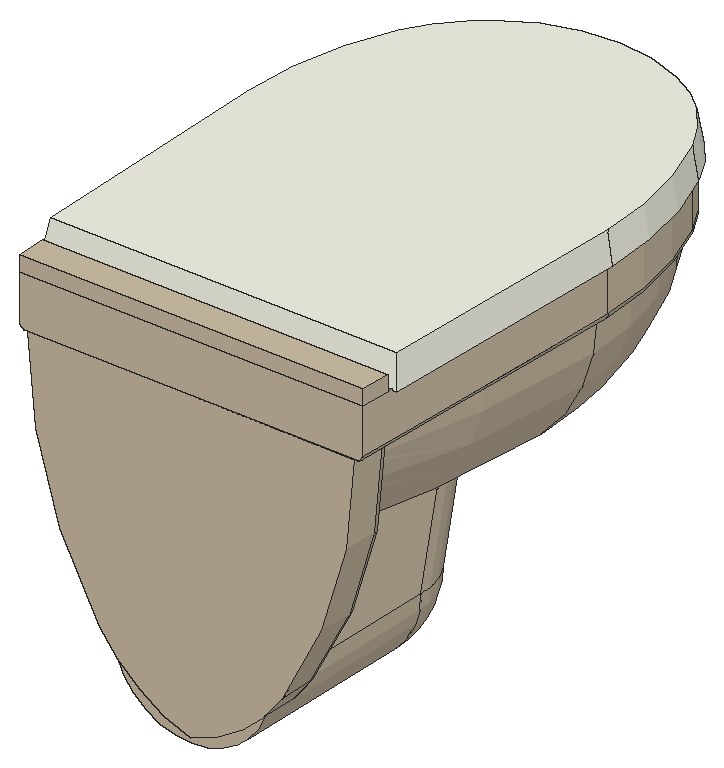
Revit family
Parameters (values of type "400mm")
  zitting = Default plastic
  zithoogte = 400 mm
  pot = Default ceramiek
Reference planes
  plane 1: y = 0
  plane 2 "Center (Left/Right)": x = 125
  plane 3 "Back": y = 75
  plane 4 "Bovenzijde pot": z = 400
  plane 5: x = 45
  plane 6: x = 205
  plane 7: z = 40
  plane 8: z = 120
  plane 9: y = 415.179
  plane 10: y = 335.179
  plane 11: y = 105
Text (mm)
  text "Placement side" at (-521.01, 1113.569, 0), in view "Ref. Level"
  text "Placement side" at (0, 1827.695, 2917.686), in view "Left"
  text "Placement side" at (0, 562.268, 3853.606), in view "Right"
Dimensions and locks
  locked: plane 3 "Back" to host wall at 0
  "zithoogte": plane 4 "Bovenzijde pot" to level
  aligned and locked: plane 1 to host wall
  aligned and locked: plane 2 "Center (Left/Right)" to nested 1
  aligned and locked: plane 3 "Back" to nested 1  (x3)
  aligned and locked: nested 1 to plane 4 "Bovenzijde pot"
  aligned and locked: plane 2 "Center (Left/Right)" to nested 2
  aligned and locked: plane 3 "Back" to nested 2
  aligned and locked: plane 3 "Back" to nested 3
Nested families
  nested 1: "74_toiletpot_basis" at (125, 75, 400), type "74_toiletpot_basis"
  nested 2: "74_bovenaanzicht" at (125, 75, 400), built-in parameter 1001364 <- "zithoogte", type "74_bovenaanzicht"
  nested 3: "74_zijaanzicht" at (125, 75, 400), built-in parameter 1001364 <- "zithoogte", type "74_zijaanzicht"
Definition of nested family "74_toiletpot_basis"
  Parameters
    zitting = Default plastic
    pot = Default ceramiek
  Reference planes
    plane 1 "Center (Front/Back)": y = 0
    plane 2: z = 0
    plane 3 "Center (Left/Right)": x = 0
  Forms (mm)
    Extrusion 1, solid, material "Default ceramiek" <- "pot"
      sketch origin (-8725, 1786.892, 0) x (0, 1, 0) y (-1, 0, 0)
        loop
          arc (-1491.713, -8547.261) -> (-1639.343, -8549.574) -> (-1786.892, -8555) r 6999.523
          line (-1786.892, -8555) -> (-1786.892, -8895)
          arc (-1786.892, -8895) -> (-1639.343, -8900.426) -> (-1491.713, -8902.739) r 6999.523
          arc (-1491.713, -8902.739) -> (-1417.347, -8894.884) -> (-1346.504, -8870.943) r 339.547
          arc (-1346.504, -8870.943) -> (-1300.938, -8838.715) -> (-1269.585, -8792.543) r 156.437
          arc (-1269.585, -8792.543) -> (-1255.288, -8725) -> (-1269.585, -8657.457) r 166.696
          arc (-1269.585, -8657.457) -> (-1300.938, -8611.285) -> (-1346.504, -8579.057) r 156.437
          arc (-1346.504, -8579.057) -> (-1417.347, -8555.116) -> (-1491.713, -8547.261) r 339.547
      from -50 to 0
    Blend 2, solid, material "Default ceramiek" <- "pot"
      base sketch origin (-8725, 1786.892, 0) x (0, 1, 0) y (-1, 0, 0)
        loop
          line (-1786.892, -8645) -> (-1786.892, -8805) -> (-1601.713, -8805)
          arc (-1601.713, -8805) -> (-1545.145, -8781.569) -> (-1521.713, -8725) r 80
          arc (-1521.713, -8725) -> (-1545.145, -8668.431) -> (-1601.713, -8645) r 80
          line (-1601.713, -8645) -> (-1786.892, -8645)
      top sketch origin (-8725, 1786.892, 0) x (0, 1, 0) y (-1, 0, 0)
        loop
          line (-1785.998, -8645) -> (-1785.998, -8805) -> (-1571.713, -8805)
          arc (-1571.713, -8805) -> (-1515.145, -8781.569) -> (-1491.713, -8725) r 80
          arc (-1491.713, -8725) -> (-1515.145, -8668.431) -> (-1571.713, -8645) r 80
          line (-1571.713, -8645) -> (-1785.998, -8645)
      from -280 to -155
    Extrusion 3, solid, material "Default ceramiek" <- "pot"
      sketch origin (-125, 0, -400) x (1, 0, 0) y (0, 0, 1)
        loop
          arc (215.614, 111.878) -> (269.312, 225.597) -> (287.739, 350) r 429.145
          line (287.739, 350) -> (-37.739, 350)
          arc (-37.739, 350) -> (-19.312, 225.597) -> (34.386, 111.878) r 429.145
          arc (34.386, 111.878) -> (73.831, 70.558) -> (125, 45.162) r 165.014
          arc (125, 45.162) -> (176.169, 70.558) -> (215.614, 111.878) r 165.014
      from 0 to -40
    Extrusion 4, solid, material "Default ceramiek" <- "pot"
      sketch origin (-8725, 1786.892, 0) x (0, 1, 0) y (-1, 0, 0)
        loop
          line (-1786.892, -8555) -> (-1786.892, -8895) -> (-1756.892, -8896.356) -> (-1756.892, -8553.644) -> (-1786.892, -8555)
      from 0 to 15
    Blend 5, solid, material "Default plastic" <- "zitting"
      base sketch origin (-8725, 1786.892, 0) x (0, 1, 0) y (-1, 0, 0)
        loop
          arc (-1491.739, -8542.262) -> (-1621.844, -8544.136) -> (-1751.892, -8548.426) r 7004.523
          line (-1751.892, -8548.426) -> (-1751.892, -8901.574)
          arc (-1751.892, -8901.574) -> (-1621.844, -8905.864) -> (-1491.739, -8907.738) r 7004.523
          arc (-1491.739, -8907.738) -> (-1416.278, -8899.769) -> (-1344.392, -8875.474) r 344.547
          arc (-1344.392, -8875.474) -> (-1297.369, -8842.217) -> (-1265.014, -8794.569) r 161.437
          arc (-1265.014, -8794.569) -> (-1250.288, -8725) -> (-1265.014, -8655.431) r 171.696
          arc (-1265.014, -8655.431) -> (-1297.369, -8607.783) -> (-1344.392, -8574.526) r 161.437
          arc (-1344.392, -8574.526) -> (-1416.278, -8550.231) -> (-1491.739, -8542.262) r 344.547
      top sketch origin (-8725, 1786.892, 0) x (0, 1, 0) y (-1, 0, 0)
        loop
          arc (-1491.713, -8547.261) -> (-1619.33, -8549.078) -> (-1746.892, -8553.221) r 6999.523
          line (-1746.892, -8553.221) -> (-1746.892, -8896.779)
          arc (-1746.892, -8896.779) -> (-1619.33, -8900.922) -> (-1491.713, -8902.739) r 6999.523
          arc (-1491.713, -8902.739) -> (-1417.347, -8894.884) -> (-1346.504, -8870.943) r 339.547
          arc (-1346.504, -8870.943) -> (-1300.938, -8838.715) -> (-1269.585, -8792.543) r 156.437
          arc (-1269.585, -8792.543) -> (-1255.288, -8725) -> (-1269.585, -8657.457) r 166.696
          arc (-1269.585, -8657.457) -> (-1300.938, -8611.285) -> (-1346.504, -8579.057) r 156.437
          arc (-1346.504, -8579.057) -> (-1417.347, -8555.116) -> (-1491.713, -8547.261) r 339.547
      from 0 to 30
    Revolve 6, solid, material "Default ceramiek" <- "pot"
      sketch origin (0, 0, -50) x (1, 0, 0) y (0, 1, 0)
        loop
          arc (0, 521.645) -> (-33.817, 517.942) -> (-66.032, 507.009) r 156.274
          arc (-66.032, 507.009) -> (-107.703, 477.834) -> (-136.879, 436.162) r 146.437
          arc (-136.879, 436.162) -> (-160.116, 367.405) -> (-167.739, 295.23) r 329.547
          arc (-167.739, 295.23) -> (-157.72, 146.864) -> (-129.338, 0.894) r 1194.06
          line (-129.338, 0.894) -> (-113.833, 0.894)
          arc (-113.833, 0.894) -> (-142.592, 146.87) -> (-152.739, 295.307) r 1179.06
          arc (-152.739, 295.307) -> (-145.463, 364.197) -> (-123.284, 429.824) r 314.547
          arc (-123.284, 429.824) -> (-97.097, 467.227) -> (-59.694, 493.414) r 131.437
          arc (-59.694, 493.414) -> (-30.571, 503.298) -> (0, 506.645) r 141.274
          line (0, 506.645) -> (0, 521.645)
        axis (0, 521.645) -> (0, 0.894)
      angle from 0 to 180
    Sweep 7, void
      path origin (0, 0, 0) x (1, 0, 0) y (0, 1, 0)
        loop
          arc (-169.964, -0.754) -> (-175.416, 147.171) -> (-177.739, 295.179) r 6999.523
          arc (-177.739, 295.179) -> (-169.884, 369.544) -> (-145.943, 440.388) r 339.547
          arc (-145.943, 440.388) -> (-113.715, 485.954) -> (-67.543, 517.307) r 156.437
          arc (-67.543, 517.307) -> (0, 531.604) -> (67.543, 517.307) r 166.696
          arc (67.543, 517.307) -> (113.715, 485.954) -> (145.943, 440.388) r 156.437
          arc (145.943, 440.388) -> (169.884, 369.544) -> (177.739, 295.179) r 339.547
          arc (177.739, 295.179) -> (175.416, 147.171) -> (169.964, -0.754) r 6999.523
      profile origin (-175.416, 147.171, 0) x (-0.999655, -0.026261, 0) y (0, 0, 1)
        loop
          line (5, -45) -> (0, -45)
          arc (0, -45) -> (-1.464, -48.536) -> (-5, -50) r 5
          line (-5, -50) -> (-5, -55) -> (5, -55) -> (5, -45)
    Sweep 8, void
      path origin (0, 0, 0) x (1, 0, 0) y (0, 0, 1)
        loop
          arc (-162.739, -50) -> (-144.312, -174.403) -> (-90.614, -288.122) r 429.145
          arc (-90.614, -288.122) -> (-51.169, -329.442) -> (0, -354.838) r 165.014
          arc (0, -354.838) -> (51.169, -329.442) -> (90.614, -288.122) r 165.014
          arc (90.614, -288.122) -> (144.312, -174.403) -> (162.739, -50) r 429.145
          line (162.739, -50) -> (162.739, -15)
      profile origin (162.739, 0, -32.5) x (-1, 0, 0) y (0, -1, 0)
        loop
          arc (5, -40) -> (1.464, -38.536) -> (0, -35) r 5
          line (0, -35) -> (-5, -35) -> (-5, -45) -> (5, -45) -> (5, -40)
    Revolve 9, solid, material "Default ceramiek" <- "pot"
      sketch origin (0, 0, -280) x (1, 0, 0) y (0, 1, 0)
        loop
          line (-65, 0.894) -> (-65, 185.179)
          arc (-65, 185.179) -> (-45.962, 231.141) -> (0, 250.179) r 65
          line (0, 250.179) -> (0, 265.179)
          arc (0, 265.179) -> (-56.569, 241.747) -> (-80, 185.179) r 80
          line (-80, 185.179) -> (-80, 0.894) -> (-65, 0.894)
        axis (0, 265.179) -> (0, 0.894)
      angle from 0 to 180
  Cuts and joins
    Sweep 7 cuts Extrusion 4
    Sweep 7 cuts Extrusion 1
    Sweep 8 cuts Blend 2
    Sweep 8 cuts Extrusion 3
    Sweep 8 cuts Revolve 6
    joined: Blend 2, Extrusion 3, Revolve 6, Revolve 9
Definition of nested family "74_bovenaanzicht"
  Reference planes
    plane 1 "Center (Front/Back)": y = 0
    plane 2: z = 0
    plane 3 "Center (Left/Right)": x = 0
  Lines and regions (mm)
    Masking region 1
      outline origin (0, 0, 0) x (1, 0, 0) y (0, 1, 0)
        loop
          line (-170, 0) -> (170, 0) -> (171.569, 35) -> (176.574, 35)
          arc (176.574, 35) -> (180.864, 165.048) -> (182.738, 295.153) r 7004.523
          arc (182.738, 295.153) -> (174.769, 370.614) -> (150.474, 442.5) r 344.547
          arc (150.474, 442.5) -> (117.217, 489.523) -> (69.569, 521.878) r 161.437
          arc (69.569, 521.878) -> (35.545, 532.472) -> (0, 535.005) r 154.815
          arc (0, 535.005) -> (-35.545, 532.472) -> (-69.569, 521.878) r 154.815
          arc (-69.569, 521.878) -> (-117.217, 489.523) -> (-150.474, 442.5) r 161.437
          arc (-150.474, 442.5) -> (-174.769, 370.614) -> (-182.738, 295.153) r 344.547
          arc (-182.738, 295.153) -> (-180.864, 165.048) -> (-176.574, 35) r 7004.523
          line (-176.574, 35) -> (-171.569, 35) -> (-170, 0)
    symbolic lines
      curve 1: arc (-182.738, 295.153, 400) -> (-180.864, 165.048, 400) -> (-176.574, 35, 400) r 7004.523
      curve 2: arc (-182.738, 295.153, 400) -> (-174.769, 370.614, 400) -> (-150.474, 442.5, 400) r 344.547
      curve 3: arc (-150.474, 442.5, 400) -> (-117.217, 489.523, 400) -> (-69.569, 521.878, 400) r 161.437
      curve 4: arc (-69.569, 521.878, 400) -> (-35.545, 532.472, 400) -> (0, 535.005, 400) r 154.815
      curve 5: arc (182.738, 295.153, 400) -> (180.864, 165.048, 400) -> (176.574, 35, 400) r 7004.523
      curve 6: arc (182.738, 295.153, 400) -> (174.769, 370.614, 400) -> (150.474, 442.5, 400) r 344.547
      curve 7: arc (150.474, 442.5, 400) -> (117.217, 489.523, 400) -> (69.569, 521.878, 400) r 161.437
      curve 8: arc (69.569, 521.878, 400) -> (35.545, 532.472, 400) -> (0, 535.005, 400) r 154.815
      curve 9: line (-176.574, 35, 400) -> (176.574, 35, 400)
      curve 10: line (-170, 0, 400) -> (-171.569, 35, 400)
      curve 11: line (170, 0, 400) -> (171.569, 35, 400)
      curve 12: line (-170, 0, 400) -> (170, 0, 400)
  Dimensions and locks
    aligned: Masking region 1 sketch curve to curve 12
Definition of nested family "74_zijaanzicht"
  Reference planes
    plane 1 "Center (Front/Back)": y = 0
    plane 2: z = 0
    plane 3 "Center (Left/Right)": x = 0
  Lines and regions (mm)
    Masking region 1
      outline origin (0, 0, 0) x (0, 1, 0) y (0, 0, 1)
        loop
          line (0, -359.755) -> (185.179, -359.755)
          arc (185.179, -359.755) -> (236.46, -331.193) -> (265.179, -280) r 107.817
          line (265.179, -280) -> (294.626, -157.304) -> (338.585, -155) -> (371.058, -150) -> (421.645, -140) -> (451.645, -132.5) -> (461.645, -127.5) -> (471.645, -120) -> (481.645, -110) -> (491.645, -97.5) -> (501.645, -85) -> (511.645, -70) -> (521.645, -50) -> (530, -50) -> (530, 0) -> (535.005, 0) -> (530, 30) -> (40, 30) -> (37.5, 15) -> (0, 15) -> (0, -359.755)
    Masking region 2
      outline origin (0, 0, 0) x (1, 0, 0) y (0, 0, 1)
        loop
          line (-182.738, 0) -> (-177.739, 0) -> (-177.739, -50) -> (-167.739, -50)
          arc (-167.739, -50) -> (-149.097, -175.852) -> (-94.773, -290.896) r 434.145
          arc (-94.773, -290.896) -> (-82.377, -307.25) -> (-68.101, -321.991) r 170.014
          arc (-68.101, -321.991) -> (-39, -349.876) -> (0, -360.044) r 80.044
          arc (0, -360.044) -> (39, -349.876) -> (68.101, -321.991) r 80.044
          arc (68.101, -321.991) -> (82.377, -307.25) -> (94.773, -290.896) r 170.014
          arc (94.773, -290.896) -> (149.097, -175.852) -> (167.739, -50) r 434.145
          line (167.739, -50) -> (177.739, -50) -> (177.739, 0) -> (182.738, 0) -> (177.739, 30) -> (-177.743, 30) -> (-182.738, 0)
    symbolic lines
      curve 1: line (-340.23, 530, 0) -> (-340.23, 530, -50)
      curve 2: line (-340.23, 530, -50) -> (-340.23, 521.645, -50)
      curve 3: line (-340.23, 521.645, -50) -> (-340.23, 511.645, -70)
      curve 4: line (-340.23, 511.645, -70) -> (-340.23, 501.645, -85)
      curve 5: line (-340.23, 501.645, -85) -> (-340.23, 491.645, -97.5)
      curve 6: line (-340.23, 491.645, -97.5) -> (-340.23, 481.645, -110)
      curve 7: line (-340.23, 481.645, -110) -> (-340.23, 471.645, -120)
      curve 8: line (-340.23, 471.645, -120) -> (-340.23, 461.645, -127.5)
      curve 9: line (-340.23, 461.645, -127.5) -> (-340.23, 451.645, -132.5)
      curve 10: line (-340.23, 451.645, -132.5) -> (-340.23, 421.645, -140)
      curve 11: line (-340.23, 421.645, -140) -> (-340.23, 371.058, -150)
      curve 12: line (-340.23, 371.058, -150) -> (-340.23, 338.585, -155)
      curve 13: line (-340.23, 338.585, -155) -> (-340.23, 290.887, -157.5)
      curve 14: line (-340.23, 294.626, -157.304) -> (-340.23, 265.179, -280)
      curve 15: arc (-340.23, 265.179, -280) -> (-340.23, 236.46, -331.193) -> (-340.23, 185.179, -359.755) r 107.817
      curve 16: line (-340.23, 185.179, -359.755) -> (-340.23, 0, -359.755)
      curve 17: line (-340.23, 40, -359.755) -> (-340.23, 40, -50)
      curve 18: line (-340.23, 0.894, -50) -> (-340.23, 521.645, -50)
      curve 19: line (-340.23, 535.005, 0) -> (-340.23, 0, 0)
      curve 20: line (-340.23, 535.005, 0) -> (-340.23, 530, 30)
      curve 21: line (-340.23, 530, 30) -> (-340.23, 40, 30)
      curve 22: line (-340.23, 40, 30) -> (-340.23, 35, 0)
      curve 23: line (-340.23, 0, 0) -> (-340.23, 0, 15)
      curve 24: line (-340.23, 0, 15) -> (-340.23, 30, 15)
      curve 25: line (-340.23, 30, 15) -> (-340.23, 30, 0)
      curve 26: line (-340.23, 290.887, -157.5) -> (-340.23, 40, -157.5)
      curve 27: line (-340.23, 0, 15) -> (-340.23, 0, -359.755)
      curve 28: line (182.738, 150, 0) -> (177.739, 150, 30)
      curve 29: line (177.739, 150, 30) -> (-177.743, 150, 30)
      curve 30: line (-177.743, 150, 30) -> (-182.738, 150, 0)
      curve 31: line (-182.738, 150, 0) -> (182.738, 150, 0)
      curve 32: line (177.739, 150, 0) -> (177.739, 150, -50)
      curve 33: line (177.739, 150, -50) -> (-177.739, 150, -50)
      curve 34: line (-177.739, 150, 0) -> (-177.739, 150, -50)
      curve 35: arc (167.739, 150, -50) -> (141.238, 150, -117.013) -> (80, 150, -155) r 114.718
      curve 36: line (80, 150, -155) -> (80, 150, -280)
      curve 37: arc (80, 150, -280) -> (56.571, 150, -336.584) -> (0, 150, -360.044) r 80.044
      curve 38: arc (-167.739, 150, -50) -> (-141.238, 150, -117.013) -> (-80, 150, -155) r 114.718
      curve 39: line (-80, 150, -155) -> (-80, 150, -280)
      curve 40: arc (-80, 150, -280) -> (-56.571, 150, -336.584) -> (0, 150, -360.044) r 80.044
      curve 41: arc (94.773, 150, -290.896) -> (149.097, 150, -175.852) -> (167.739, 150, -50) r 434.145
      curve 42: arc (94.773, 150, -290.896) -> (82.377, 150, -307.25) -> (68.101, 150, -321.991) r 170.014
      curve 43: arc (-94.773, 150, -290.896) -> (-149.097, 150, -175.852) -> (-167.739, 150, -50) r 434.145
      curve 44: arc (-94.773, 150, -290.896) -> (-82.377, 150, -307.25) -> (-68.101, 150, -321.991) r 170.014
